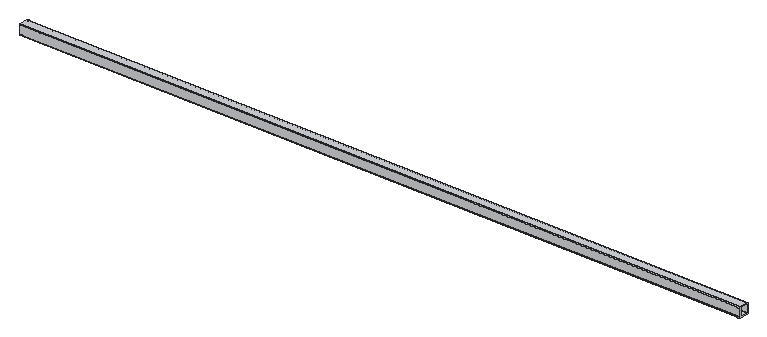
Revit family "CENTUM Profil XL  80 6m L2D", category HLS-Bauteile, Revit 2023
Family settings
  Bemaßung runder Anschluss = Durchmesser verwenden
  Teiletyp = Normal
  Arbeitsebenenbasiert = Ja
  Immer vertikal = Nein
  Beim Laden mit Abzugskörper schneiden = Nein
  Beschriftungsausrichtung beibehalten = Nein
  Gemeinsam genutzt = Ja
  Raumberechnungspunkt = Nein
Parameters (values of type "Centum Profil XL 80 L=6000 L2D")
  vpe = "6"
  Widerstandsmoment Wz = "16.13 cm³"
  Widerstandsmoment Wy = "16.13 cm³"
  Default Elevation = 1219.2 mm
  Trägheitsradius iz = "3.23 cm"
  Trägheitsradius iy = "3.23 cm"
  Torsionswiderstandsmoment Wt = "36.04 cm³"
  Stärke = 2.5 mm
  Streckgrenze = "275 N/mm²"
  Schwerpunktabstand ez = "4.00 cm"
  Schwerpunktabstand eu = "4.00 cm"
  Schwerpunktabstand eo = "4.00 cm"
  Schlitzbreite = " mm"
  Regelhalter [instance] = ""
  Profiltyp = "XL 80"
  Profil = "CENTUM"
  Oberflaeche = "feuerstückverzinkt"
  Montagelänge [instance] = 6000 mm
  Mengeneinheit = "m"
  Materialname = "S275"
  Material = "Stahl"
  Länge = 6000 mm
  Lochdurchmesser = " mm"
  Langloch = "14.0 x 65.0 mm"
  Kurztext2 = "80 / 80 / 2,5 mm L= 6 m fsv"
  Kurztext1 = "Montageprofil CENTUM XL 80"
  Höhe = "80 mm"
  Gewicht pro Stück [instance] = (Gewicht * Montagelänge / (1000 mm * 1000 mm)) * 1000 mm  # 33.06 kg
  Gewicht pro Bauteil [instance] = Gewicht pro Stück  # 33.06 kg
  Gewicht = 5.51 kg
  Gesamtlänge [instance] = Montagelänge  # 6000 mm
  Gesamtgewicht [instance] = Gewicht pro Bauteil  # 33.06 kg
  Fläche (schwächster Profilquerschnitt) = 0.000619 m²
  Firma = "MEFA Befestigungs- und Montagesysteme GmbH"
  Fabrikat = "MEFA"
  Erweiterung Langloch = " mm"
  EAN = "4250928450340"
  Bund = "150 m"
  Breite = 80 mm
  Artikelnummer = "16008060"
  Anzahl Langloch [instance] = Montagelänge / 80 mm  # 75
  Abmessung = "80/80/2.5 mm"
Reference planes
  plane 1 "Mitte (Vorne/hinten)": y = 0
  plane 2: z = 0
  plane 3 "Mitte (Links/rechts)": x = 0
  plane 4: x = 6000
Forms (mm)
  Extrusion 1, solid, detail levels fine
    sketch origin (0, 0, 0) x (0, 1, 0) y (0, 0, 1)
      loop
        arc (35, 0) -> (38.536, 1.464) -> (40, 5) r 5
        line (40, 5) -> (40, 75)
        arc (40, 75) -> (38.536, 78.536) -> (35, 80) r 5
        line (35, 80) -> (-35, 80)
        arc (-35, 80) -> (-38.536, 78.536) -> (-40, 75) r 5
        line (-40, 75) -> (-40, 5)
        arc (-40, 5) -> (-38.536, 1.464) -> (-35, 0) r 5
        line (-35, 0) -> (35, 0)
      loop
        arc (37.5, 75) -> (36.768, 76.768) -> (35, 77.5) r 2.5
        line (35, 77.5) -> (-35, 77.5)
        arc (-35, 77.5) -> (-36.768, 76.768) -> (-37.5, 75) r 2.5
        line (-37.5, 75) -> (-37.5, 5)
        arc (-37.5, 5) -> (-36.768, 3.232) -> (-35, 2.5) r 2.5
        line (-35, 2.5) -> (35, 2.5)
        arc (35, 2.5) -> (36.768, 3.232) -> (37.5, 5) r 2.5
        line (37.5, 5) -> (37.5, 75)
    from 0 to 6000
  Extrusion 2, solid, detail levels medium
    sketch origin (0, 0, 0) x (0, 1, 0) y (0, 0, 1)
      loop
        line (40, 0) -> (40, 80) -> (-40, 80) -> (-40, 0) -> (40, 0)
      loop
        line (37.5, 77.5) -> (-37.5, 77.5) -> (-37.5, 2.5) -> (37.5, 2.5) -> (37.5, 77.5)
    from 0 to 6000
  Extrusion 3, solid, detail levels coarse
    sketch origin (0, 0, 0) x (0, 1, 0) y (0, 0, 1)
      loop
        line (40, 0) -> (40, 80) -> (-40, 80) -> (-40, 0) -> (40, 0)
    from 0 to 6000
Lines and regions (mm)
  model lines
    curve 1: line (0, 0, 90) -> (0, 0, -10)
    curve 2: line (0, -50, 40) -> (0, 50, 40)
    curve 3: line (40, 0, 2.5) -> (6040, 0, 2.5)
    curve 4: line (0, 0, 40) -> (195, 0, 40)
Dimensions and locks
  "Montagelänge": plane 4 to plane 3 "Mitte (Links/rechts)"
  equal spacing: group 1, group 2, group 3, group 4, group 5, group 6, group 7, group 8, group 9, group 10, group 11, group 12, group 13, group 14, group 15, group 16, group 17, group 18, group 19, group 20, group 21, group 22, group 23, group 24, group 25, group 26, group 27, group 28, group 29, group 30, group 31, group 32, group 33, group 34, group 35, group 36, group 37, group 38, group 39, group 40, group 41, group 42, group 43, group 44, group 45, group 46, group 47, group 48, group 49, group 50, group 51, group 52, group 53, group 54, group 55, group 56, group 57, group 58, group 59, group 60, group 61, group 62, group 63, group 64, group 65, group 66, group 67, group 68, group 69, group 70, group 71, group 72, group 73, group 74, group 75  (x3)
  aligned and locked: level to plane 2
  aligned and locked: plane 4 to Extrusion 1
  aligned and locked: plane 4 to Extrusion 3
  aligned and locked: plane 4 to Extrusion 2
  aligned and locked: nested 1 to plane 1 "Mitte (Vorne/hinten)"
  aligned and locked: nested 3 to nested 1  (x2)
  aligned and locked: nested 2 to curve 4
  aligned and locked: nested 4 to nested 2
  aligned and locked: nested 7 to nested 5  (x2)
  aligned and locked: nested 8 to nested 6
  aligned and locked: nested 11 to nested 9  (x2)
  aligned and locked: nested 12 to nested 10
  aligned and locked: nested 15 to nested 13  (x2)
  aligned and locked: nested 16 to nested 14
  aligned and locked: nested 19 to nested 17  (x2)
  aligned and locked: nested 20 to nested 18
  aligned and locked: nested 23 to nested 21  (x2)
  aligned and locked: nested 24 to nested 22
  aligned and locked: nested 27 to nested 25  (x2)
  aligned and locked: nested 28 to nested 26
  aligned and locked: nested 31 to nested 29  (x2)
  aligned and locked: nested 32 to nested 30
  aligned and locked: nested 35 to nested 33  (x2)
  aligned and locked: nested 36 to nested 34
  aligned and locked: nested 39 to nested 37  (x2)
  aligned and locked: nested 40 to nested 38
  aligned and locked: nested 43 to nested 41  (x2)
  aligned and locked: nested 44 to nested 42
  aligned and locked: nested 47 to nested 45  (x2)
  aligned and locked: nested 48 to nested 46
  aligned and locked: nested 51 to nested 49  (x2)
  aligned and locked: nested 52 to nested 50
  aligned and locked: nested 55 to nested 53  (x2)
  aligned and locked: nested 56 to nested 54
  aligned and locked: nested 59 to nested 57  (x2)
  aligned and locked: nested 60 to nested 58
  aligned and locked: nested 63 to nested 61  (x2)
  aligned and locked: nested 64 to nested 62
  aligned and locked: nested 67 to nested 65  (x2)
  aligned and locked: nested 68 to nested 66
  aligned and locked: nested 71 to nested 69  (x2)
  aligned and locked: nested 72 to nested 70
  aligned and locked: nested 75 to nested 73  (x2)
  aligned and locked: nested 76 to nested 74
  aligned and locked: nested 79 to nested 77  (x2)
  aligned and locked: nested 80 to nested 78
  aligned and locked: nested 83 to nested 81  (x2)
  aligned and locked: nested 84 to nested 82
  aligned and locked: nested 87 to nested 85  (x2)
  aligned and locked: nested 88 to nested 86
  aligned and locked: nested 91 to nested 89  (x2)
  aligned and locked: nested 92 to nested 90
  aligned and locked: nested 95 to nested 93  (x2)
  aligned and locked: nested 96 to nested 94
  aligned and locked: nested 99 to nested 97  (x2)
  aligned and locked: nested 100 to nested 98
  aligned and locked: nested 103 to nested 101  (x2)
  aligned and locked: nested 104 to nested 102
  aligned and locked: nested 107 to nested 105  (x2)
  aligned and locked: nested 108 to nested 106
  aligned and locked: nested 111 to nested 109  (x2)
  aligned and locked: nested 112 to nested 110
  aligned and locked: nested 115 to nested 113  (x2)
  aligned and locked: nested 116 to nested 114
  aligned and locked: nested 119 to nested 117  (x2)
  aligned and locked: nested 120 to nested 118
  aligned and locked: nested 123 to nested 121  (x2)
  aligned and locked: nested 124 to nested 122
  aligned and locked: nested 127 to nested 125  (x2)
  aligned and locked: nested 128 to nested 126
  aligned and locked: nested 131 to nested 129  (x2)
  aligned and locked: nested 132 to nested 130
  aligned and locked: nested 135 to nested 133  (x2)
  aligned and locked: nested 136 to nested 134
  aligned and locked: nested 139 to nested 137  (x2)
  aligned and locked: nested 140 to nested 138
  aligned and locked: nested 143 to nested 141  (x2)
  aligned and locked: nested 144 to nested 142
  aligned and locked: nested 147 to nested 145  (x2)
  aligned and locked: nested 148 to nested 146
  aligned and locked: nested 151 to nested 149  (x2)
  aligned and locked: nested 152 to nested 150
  aligned and locked: nested 155 to nested 153  (x2)
  aligned and locked: nested 156 to nested 154
  aligned and locked: nested 159 to nested 157  (x2)
  aligned and locked: nested 160 to nested 158
  aligned and locked: nested 163 to nested 161  (x2)
  aligned and locked: nested 164 to nested 162
  aligned and locked: nested 167 to nested 165  (x2)
  aligned and locked: nested 168 to nested 166
  aligned and locked: nested 171 to nested 169  (x2)
  aligned and locked: nested 172 to nested 170
  aligned and locked: nested 175 to nested 173  (x2)
  aligned and locked: nested 176 to nested 174
  aligned and locked: nested 179 to nested 177  (x2)
  aligned and locked: nested 180 to nested 178
  aligned and locked: nested 183 to nested 181  (x2)
  aligned and locked: nested 184 to nested 182
  aligned and locked: nested 187 to nested 185  (x2)
  aligned and locked: nested 188 to nested 186
  aligned and locked: nested 191 to nested 189  (x2)
  aligned and locked: nested 192 to nested 190
  aligned and locked: nested 195 to nested 193  (x2)
  aligned and locked: nested 196 to nested 194
  aligned and locked: nested 199 to nested 197  (x2)
  aligned and locked: nested 200 to nested 198
  aligned and locked: nested 203 to nested 201  (x2)
  aligned and locked: nested 204 to nested 202
  aligned and locked: nested 207 to nested 205  (x2)
  aligned and locked: nested 208 to nested 206
  aligned and locked: nested 211 to nested 209  (x2)
  aligned and locked: nested 212 to nested 210
  aligned and locked: nested 215 to nested 213  (x2)
  aligned and locked: nested 216 to nested 214
  aligned and locked: nested 219 to nested 217  (x2)
  aligned and locked: nested 220 to nested 218
  aligned and locked: nested 223 to nested 221  (x2)
  aligned and locked: nested 224 to nested 222
  aligned and locked: nested 227 to nested 225  (x2)
  aligned and locked: nested 228 to nested 226
  aligned and locked: nested 231 to nested 229  (x2)
  aligned and locked: nested 232 to nested 230
  aligned and locked: nested 235 to nested 233  (x2)
  aligned and locked: nested 236 to nested 234
  aligned and locked: nested 239 to nested 237  (x2)
  aligned and locked: nested 240 to nested 238
  aligned and locked: nested 243 to nested 241  (x2)
  aligned and locked: nested 244 to nested 242
  aligned and locked: nested 247 to nested 245  (x2)
  aligned and locked: nested 248 to nested 246
  aligned and locked: nested 251 to nested 249  (x2)
  aligned and locked: nested 252 to nested 250
  aligned and locked: nested 255 to nested 253  (x2)
  aligned and locked: nested 256 to nested 254
  aligned and locked: nested 259 to nested 257  (x2)
  aligned and locked: nested 260 to nested 258
  aligned and locked: nested 263 to nested 261  (x2)
  aligned and locked: nested 264 to nested 262
  aligned and locked: nested 267 to nested 265  (x2)
  aligned and locked: nested 268 to nested 266
  aligned and locked: nested 271 to nested 269  (x2)
  aligned and locked: nested 272 to nested 270
  aligned and locked: nested 275 to nested 273  (x2)
  aligned and locked: nested 276 to nested 274
  aligned and locked: nested 279 to nested 277  (x2)
  aligned and locked: nested 280 to nested 278
  aligned and locked: nested 283 to nested 281  (x2)
  aligned and locked: nested 284 to nested 282
  aligned and locked: nested 287 to nested 285  (x2)
  aligned and locked: nested 288 to nested 286
  aligned and locked: nested 291 to nested 289  (x2)
  aligned and locked: nested 292 to nested 290
  aligned and locked: nested 295 to nested 293  (x2)
  aligned and locked: nested 296 to nested 294
  aligned and locked: nested 299 to nested 297  (x2)
  aligned and locked: nested 300 to nested 298
Automatic sketch dimensions
  plane 1 "Mitte (Vorne/hinten)" to Extrusion 1 sketch curve = 40 mm
  Extrusion 1 sketch curve to Extrusion 1 sketch curve = 5 mm  (x3)
  Extrusion 1 sketch curve to plane 1 "Mitte (Vorne/hinten)" = 35 mm  (x2)
  Extrusion 1 sketch curve to level = 0 mm
  level to Extrusion 1 sketch curve = 75 mm
  Extrusion 1 sketch curve to Extrusion 1 sketch curve = 0 mm  (x7)
  Extrusion 1 sketch curve to Extrusion 1 sketch curve = 2.5 mm
  curve 1 to plane 1 "Mitte (Vorne/hinten)" = 0 mm
  curve 1 to level = 10 mm
  level to curve 1 = 90 mm
  plane 1 "Mitte (Vorne/hinten)" to curve 2 = 50 mm
  curve 2 to plane 1 "Mitte (Vorne/hinten)" = 50 mm
  level to curve 2 = 40 mm
  level to Extrusion 2 sketch curve = 0 mm
  plane 1 "Mitte (Vorne/hinten)" to Extrusion 2 sketch curve = 40 mm
  Extrusion 2 sketch curve to Extrusion 2 sketch curve = 80 mm
  Extrusion 2 sketch curve to Extrusion 2 sketch curve = 2.5 mm  (x4)
  Extrusion 2 sketch curve to plane 1 "Mitte (Vorne/hinten)" = 37.5 mm
  Extrusion 3 sketch curve to level = 0 mm
  plane 1 "Mitte (Vorne/hinten)" to Extrusion 3 sketch curve = 40 mm
  Extrusion 3 sketch curve to plane 1 "Mitte (Vorne/hinten)" = 40 mm
  level to Extrusion 3 sketch curve = 80 mm
  curve 4 to plane 3 "Mitte (Links/rechts)" = 0 mm
  level to curve 3 = 2.5 mm
  plane 3 "Mitte (Links/rechts)" to curve 3 = 40 mm
  curve 3 to curve 4 = 155 mm
  plane 4 to curve 3 = 40 mm
Nested families
  nested 1: "Langloch 14 x 65 2D" at (40, 0, 80) x (-1, 0, 0) z (0, 0, 1), type "Langloch 14 x 65 2D", detail levels fine
  nested 2: "Langloch 14 x 65 2D" at (40, -40, 40) x (-1, 0, 0) z (0, -1, 0), type "Langloch 14 x 65 2D", detail levels fine
  nested 3: "Langloch 14 x 65 2D" at (40, 0, 0) x (-1, 0, 0) z (0, 0, -1), type "Langloch 14 x 65 2D", detail levels fine
  nested 4: "Langloch 14 x 65 2D" at (40, 40, 40) x (-1, 0, 0) z (0, 1, 0), type "Langloch 14 x 65 2D", detail levels fine
  nested 5: "Langloch 14 x 65 2D" at (120, 0, 80) x (-1, 0, 0) z (0, 0, 1), type "Langloch 14 x 65 2D", detail levels fine
  nested 6: "Langloch 14 x 65 2D" at (120, -40, 40) x (-1, 0, 0) z (0, -1, 0), type "Langloch 14 x 65 2D", detail levels fine
  nested 7: "Langloch 14 x 65 2D" at (120, 0, 0) x (-1, 0, 0) z (0, 0, -1), type "Langloch 14 x 65 2D", detail levels fine
  nested 8: "Langloch 14 x 65 2D" at (120, 40, 40) x (-1, 0, 0) z (0, 1, 0), type "Langloch 14 x 65 2D", detail levels fine
  nested 9: "Langloch 14 x 65 2D" at (200, 0, 80) x (-1, 0, 0) z (0, 0, 1), type "Langloch 14 x 65 2D", detail levels fine
  nested 10: "Langloch 14 x 65 2D" at (200, -40, 40) x (-1, 0, 0) z (0, -1, 0), type "Langloch 14 x 65 2D", detail levels fine
  nested 11: "Langloch 14 x 65 2D" at (200, 0, 0) x (-1, 0, 0) z (0, 0, -1), type "Langloch 14 x 65 2D", detail levels fine
  nested 12: "Langloch 14 x 65 2D" at (200, 40, 40) x (-1, 0, 0) z (0, 1, 0), type "Langloch 14 x 65 2D", detail levels fine
  nested 13: "Langloch 14 x 65 2D" at (280, 0, 80) x (-1, 0, 0) z (0, 0, 1), type "Langloch 14 x 65 2D", detail levels fine
  nested 14: "Langloch 14 x 65 2D" at (280, -40, 40) x (-1, 0, 0) z (0, -1, 0), type "Langloch 14 x 65 2D", detail levels fine
  nested 15: "Langloch 14 x 65 2D" at (280, 0, 0) x (-1, 0, 0) z (0, 0, -1), type "Langloch 14 x 65 2D", detail levels fine
  nested 16: "Langloch 14 x 65 2D" at (280, 40, 40) x (-1, 0, 0) z (0, 1, 0), type "Langloch 14 x 65 2D", detail levels fine
  nested 17: "Langloch 14 x 65 2D" at (360, 0, 80) x (-1, 0, 0) z (0, 0, 1), type "Langloch 14 x 65 2D", detail levels fine
  nested 18: "Langloch 14 x 65 2D" at (360, -40, 40) x (-1, 0, 0) z (0, -1, 0), type "Langloch 14 x 65 2D", detail levels fine
  nested 19: "Langloch 14 x 65 2D" at (360, 0, 0) x (-1, 0, 0) z (0, 0, -1), type "Langloch 14 x 65 2D", detail levels fine
  nested 20: "Langloch 14 x 65 2D" at (360, 40, 40) x (-1, 0, 0) z (0, 1, 0), type "Langloch 14 x 65 2D", detail levels fine
  nested 21: "Langloch 14 x 65 2D" at (440, 0, 80) x (-1, 0, 0) z (0, 0, 1), type "Langloch 14 x 65 2D", detail levels fine
  nested 22: "Langloch 14 x 65 2D" at (440, -40, 40) x (-1, 0, 0) z (0, -1, 0), type "Langloch 14 x 65 2D", detail levels fine
  nested 23: "Langloch 14 x 65 2D" at (440, 0, 0) x (-1, 0, 0) z (0, 0, -1), type "Langloch 14 x 65 2D", detail levels fine
  nested 24: "Langloch 14 x 65 2D" at (440, 40, 40) x (-1, 0, 0) z (0, 1, 0), type "Langloch 14 x 65 2D", detail levels fine
  nested 25: "Langloch 14 x 65 2D" at (520, 0, 80) x (-1, 0, 0) z (0, 0, 1), type "Langloch 14 x 65 2D", detail levels fine
  nested 26: "Langloch 14 x 65 2D" at (520, -40, 40) x (-1, 0, 0) z (0, -1, 0), type "Langloch 14 x 65 2D", detail levels fine
  nested 27: "Langloch 14 x 65 2D" at (520, 0, 0) x (-1, 0, 0) z (0, 0, -1), type "Langloch 14 x 65 2D", detail levels fine
  nested 28: "Langloch 14 x 65 2D" at (520, 40, 40) x (-1, 0, 0) z (0, 1, 0), type "Langloch 14 x 65 2D", detail levels fine
  nested 29: "Langloch 14 x 65 2D" at (600, 0, 80) x (-1, 0, 0) z (0, 0, 1), type "Langloch 14 x 65 2D", detail levels fine
  nested 30: "Langloch 14 x 65 2D" at (600, -40, 40) x (-1, 0, 0) z (0, -1, 0), type "Langloch 14 x 65 2D", detail levels fine
  nested 31: "Langloch 14 x 65 2D" at (600, 0, 0) x (-1, 0, 0) z (0, 0, -1), type "Langloch 14 x 65 2D", detail levels fine
  nested 32: "Langloch 14 x 65 2D" at (600, 40, 40) x (-1, 0, 0) z (0, 1, 0), type "Langloch 14 x 65 2D", detail levels fine
  nested 33: "Langloch 14 x 65 2D" at (680, 0, 80) x (-1, 0, 0) z (0, 0, 1), type "Langloch 14 x 65 2D", detail levels fine
  nested 34: "Langloch 14 x 65 2D" at (680, -40, 40) x (-1, 0, 0) z (0, -1, 0), type "Langloch 14 x 65 2D", detail levels fine
  nested 35: "Langloch 14 x 65 2D" at (680, 0, 0) x (-1, 0, 0) z (0, 0, -1), type "Langloch 14 x 65 2D", detail levels fine
  nested 36: "Langloch 14 x 65 2D" at (680, 40, 40) x (-1, 0, 0) z (0, 1, 0), type "Langloch 14 x 65 2D", detail levels fine
  nested 37: "Langloch 14 x 65 2D" at (760, 0, 80) x (-1, 0, 0) z (0, 0, 1), type "Langloch 14 x 65 2D", detail levels fine
  nested 38: "Langloch 14 x 65 2D" at (760, -40, 40) x (-1, 0, 0) z (0, -1, 0), type "Langloch 14 x 65 2D", detail levels fine
  nested 39: "Langloch 14 x 65 2D" at (760, 0, 0) x (-1, 0, 0) z (0, 0, -1), type "Langloch 14 x 65 2D", detail levels fine
  nested 40: "Langloch 14 x 65 2D" at (760, 40, 40) x (-1, 0, 0) z (0, 1, 0), type "Langloch 14 x 65 2D", detail levels fine
  nested 41: "Langloch 14 x 65 2D" at (840, 0, 80) x (-1, 0, 0) z (0, 0, 1), type "Langloch 14 x 65 2D", detail levels fine
  nested 42: "Langloch 14 x 65 2D" at (840, -40, 40) x (-1, 0, 0) z (0, -1, 0), type "Langloch 14 x 65 2D", detail levels fine
  nested 43: "Langloch 14 x 65 2D" at (840, 0, 0) x (-1, 0, 0) z (0, 0, -1), type "Langloch 14 x 65 2D", detail levels fine
  nested 44: "Langloch 14 x 65 2D" at (840, 40, 40) x (-1, 0, 0) z (0, 1, 0), type "Langloch 14 x 65 2D", detail levels fine
  nested 45: "Langloch 14 x 65 2D" at (920, 0, 80) x (-1, 0, 0) z (0, 0, 1), type "Langloch 14 x 65 2D", detail levels fine
  nested 46: "Langloch 14 x 65 2D" at (920, -40, 40) x (-1, 0, 0) z (0, -1, 0), type "Langloch 14 x 65 2D", detail levels fine
  nested 47: "Langloch 14 x 65 2D" at (920, 0, 0) x (-1, 0, 0) z (0, 0, -1), type "Langloch 14 x 65 2D", detail levels fine
  nested 48: "Langloch 14 x 65 2D" at (920, 40, 40) x (-1, 0, 0) z (0, 1, 0), type "Langloch 14 x 65 2D", detail levels fine
  nested 49: "Langloch 14 x 65 2D" at (1000, 0, 80) x (-1, 0, 0) z (0, 0, 1), type "Langloch 14 x 65 2D", detail levels fine
  nested 50: "Langloch 14 x 65 2D" at (1000, -40, 40) x (-1, 0, 0) z (0, -1, 0), type "Langloch 14 x 65 2D", detail levels fine
  nested 51: "Langloch 14 x 65 2D" at (1000, 0, 0) x (-1, 0, 0) z (0, 0, -1), type "Langloch 14 x 65 2D", detail levels fine
  nested 52: "Langloch 14 x 65 2D" at (1000, 40, 40) x (-1, 0, 0) z (0, 1, 0), type "Langloch 14 x 65 2D", detail levels fine
  nested 53: "Langloch 14 x 65 2D" at (1080, 0, 80) x (-1, 0, 0) z (0, 0, 1), type "Langloch 14 x 65 2D", detail levels fine
  nested 54: "Langloch 14 x 65 2D" at (1080, -40, 40) x (-1, 0, 0) z (0, -1, 0), type "Langloch 14 x 65 2D", detail levels fine
  nested 55: "Langloch 14 x 65 2D" at (1080, 0, 0) x (-1, 0, 0) z (0, 0, -1), type "Langloch 14 x 65 2D", detail levels fine
  nested 56: "Langloch 14 x 65 2D" at (1080, 40, 40) x (-1, 0, 0) z (0, 1, 0), type "Langloch 14 x 65 2D", detail levels fine
  nested 57: "Langloch 14 x 65 2D" at (1160, 0, 80) x (-1, 0, 0) z (0, 0, 1), type "Langloch 14 x 65 2D", detail levels fine
  nested 58: "Langloch 14 x 65 2D" at (1160, -40, 40) x (-1, 0, 0) z (0, -1, 0), type "Langloch 14 x 65 2D", detail levels fine
  nested 59: "Langloch 14 x 65 2D" at (1160, 0, 0) x (-1, 0, 0) z (0, 0, -1), type "Langloch 14 x 65 2D", detail levels fine
  nested 60: "Langloch 14 x 65 2D" at (1160, 40, 40) x (-1, 0, 0) z (0, 1, 0), type "Langloch 14 x 65 2D", detail levels fine
  nested 61: "Langloch 14 x 65 2D" at (1240, 0, 80) x (-1, 0, 0) z (0, 0, 1), type "Langloch 14 x 65 2D", detail levels fine
  nested 62: "Langloch 14 x 65 2D" at (1240, -40, 40) x (-1, 0, 0) z (0, -1, 0), type "Langloch 14 x 65 2D", detail levels fine
  nested 63: "Langloch 14 x 65 2D" at (1240, 0, 0) x (-1, 0, 0) z (0, 0, -1), type "Langloch 14 x 65 2D", detail levels fine
  nested 64: "Langloch 14 x 65 2D" at (1240, 40, 40) x (-1, 0, 0) z (0, 1, 0), type "Langloch 14 x 65 2D", detail levels fine
  nested 65: "Langloch 14 x 65 2D" at (1320, 0, 80) x (-1, 0, 0) z (0, 0, 1), type "Langloch 14 x 65 2D", detail levels fine
  nested 66: "Langloch 14 x 65 2D" at (1320, -40, 40) x (-1, 0, 0) z (0, -1, 0), type "Langloch 14 x 65 2D", detail levels fine
  nested 67: "Langloch 14 x 65 2D" at (1320, 0, 0) x (-1, 0, 0) z (0, 0, -1), type "Langloch 14 x 65 2D", detail levels fine
  nested 68: "Langloch 14 x 65 2D" at (1320, 40, 40) x (-1, 0, 0) z (0, 1, 0), type "Langloch 14 x 65 2D", detail levels fine
  nested 69: "Langloch 14 x 65 2D" at (1400, 0, 80) x (-1, 0, 0) z (0, 0, 1), type "Langloch 14 x 65 2D", detail levels fine
  nested 70: "Langloch 14 x 65 2D" at (1400, -40, 40) x (-1, 0, 0) z (0, -1, 0), type "Langloch 14 x 65 2D", detail levels fine
  nested 71: "Langloch 14 x 65 2D" at (1400, 0, 0) x (-1, 0, 0) z (0, 0, -1), type "Langloch 14 x 65 2D", detail levels fine
  nested 72: "Langloch 14 x 65 2D" at (1400, 40, 40) x (-1, 0, 0) z (0, 1, 0), type "Langloch 14 x 65 2D", detail levels fine
  nested 73: "Langloch 14 x 65 2D" at (1480, 0, 80) x (-1, 0, 0) z (0, 0, 1), type "Langloch 14 x 65 2D", detail levels fine
  nested 74: "Langloch 14 x 65 2D" at (1480, -40, 40) x (-1, 0, 0) z (0, -1, 0), type "Langloch 14 x 65 2D", detail levels fine
  nested 75: "Langloch 14 x 65 2D" at (1480, 0, 0) x (-1, 0, 0) z (0, 0, -1), type "Langloch 14 x 65 2D", detail levels fine
  nested 76: "Langloch 14 x 65 2D" at (1480, 40, 40) x (-1, 0, 0) z (0, 1, 0), type "Langloch 14 x 65 2D", detail levels fine
  nested 77: "Langloch 14 x 65 2D" at (1560, 0, 80) x (-1, 0, 0) z (0, 0, 1), type "Langloch 14 x 65 2D", detail levels fine
  nested 78: "Langloch 14 x 65 2D" at (1560, -40, 40) x (-1, 0, 0) z (0, -1, 0), type "Langloch 14 x 65 2D", detail levels fine
  nested 79: "Langloch 14 x 65 2D" at (1560, 0, 0) x (-1, 0, 0) z (0, 0, -1), type "Langloch 14 x 65 2D", detail levels fine
  nested 80: "Langloch 14 x 65 2D" at (1560, 40, 40) x (-1, 0, 0) z (0, 1, 0), type "Langloch 14 x 65 2D", detail levels fine
  nested 81: "Langloch 14 x 65 2D" at (1640, 0, 80) x (-1, 0, 0) z (0, 0, 1), type "Langloch 14 x 65 2D", detail levels fine
  nested 82: "Langloch 14 x 65 2D" at (1640, -40, 40) x (-1, 0, 0) z (0, -1, 0), type "Langloch 14 x 65 2D", detail levels fine
  nested 83: "Langloch 14 x 65 2D" at (1640, 0, 0) x (-1, 0, 0) z (0, 0, -1), type "Langloch 14 x 65 2D", detail levels fine
  nested 84: "Langloch 14 x 65 2D" at (1640, 40, 40) x (-1, 0, 0) z (0, 1, 0), type "Langloch 14 x 65 2D", detail levels fine
  nested 85: "Langloch 14 x 65 2D" at (1720, 0, 80) x (-1, 0, 0) z (0, 0, 1), type "Langloch 14 x 65 2D", detail levels fine
  nested 86: "Langloch 14 x 65 2D" at (1720, -40, 40) x (-1, 0, 0) z (0, -1, 0), type "Langloch 14 x 65 2D", detail levels fine
  nested 87: "Langloch 14 x 65 2D" at (1720, 0, 0) x (-1, 0, 0) z (0, 0, -1), type "Langloch 14 x 65 2D", detail levels fine
  nested 88: "Langloch 14 x 65 2D" at (1720, 40, 40) x (-1, 0, 0) z (0, 1, 0), type "Langloch 14 x 65 2D", detail levels fine
  nested 89: "Langloch 14 x 65 2D" at (1800, 0, 80) x (-1, 0, 0) z (0, 0, 1), type "Langloch 14 x 65 2D", detail levels fine
  nested 90: "Langloch 14 x 65 2D" at (1800, -40, 40) x (-1, 0, 0) z (0, -1, 0), type "Langloch 14 x 65 2D", detail levels fine
  nested 91: "Langloch 14 x 65 2D" at (1800, 0, 0) x (-1, 0, 0) z (0, 0, -1), type "Langloch 14 x 65 2D", detail levels fine
  nested 92: "Langloch 14 x 65 2D" at (1800, 40, 40) x (-1, 0, 0) z (0, 1, 0), type "Langloch 14 x 65 2D", detail levels fine
  nested 93: "Langloch 14 x 65 2D" at (1880, 0, 80) x (-1, 0, 0) z (0, 0, 1), type "Langloch 14 x 65 2D", detail levels fine
  nested 94: "Langloch 14 x 65 2D" at (1880, -40, 40) x (-1, 0, 0) z (0, -1, 0), type "Langloch 14 x 65 2D", detail levels fine
  nested 95: "Langloch 14 x 65 2D" at (1880, 0, 0) x (-1, 0, 0) z (0, 0, -1), type "Langloch 14 x 65 2D", detail levels fine
  nested 96: "Langloch 14 x 65 2D" at (1880, 40, 40) x (-1, 0, 0) z (0, 1, 0), type "Langloch 14 x 65 2D", detail levels fine
  nested 97: "Langloch 14 x 65 2D" at (1960, 0, 80) x (-1, 0, 0) z (0, 0, 1), type "Langloch 14 x 65 2D", detail levels fine
  nested 98: "Langloch 14 x 65 2D" at (1960, -40, 40) x (-1, 0, 0) z (0, -1, 0), type "Langloch 14 x 65 2D", detail levels fine
  nested 99: "Langloch 14 x 65 2D" at (1960, 0, 0) x (-1, 0, 0) z (0, 0, -1), type "Langloch 14 x 65 2D", detail levels fine
  nested 100: "Langloch 14 x 65 2D" at (1960, 40, 40) x (-1, 0, 0) z (0, 1, 0), type "Langloch 14 x 65 2D", detail levels fine
  nested 101: "Langloch 14 x 65 2D" at (2040, 0, 80) x (-1, 0, 0) z (0, 0, 1), type "Langloch 14 x 65 2D", detail levels fine
  nested 102: "Langloch 14 x 65 2D" at (2040, -40, 40) x (-1, 0, 0) z (0, -1, 0), type "Langloch 14 x 65 2D", detail levels fine
  nested 103: "Langloch 14 x 65 2D" at (2040, 0, 0) x (-1, 0, 0) z (0, 0, -1), type "Langloch 14 x 65 2D", detail levels fine
  nested 104: "Langloch 14 x 65 2D" at (2040, 40, 40) x (-1, 0, 0) z (0, 1, 0), type "Langloch 14 x 65 2D", detail levels fine
  nested 105: "Langloch 14 x 65 2D" at (2120, 0, 80) x (-1, 0, 0) z (0, 0, 1), type "Langloch 14 x 65 2D", detail levels fine
  nested 106: "Langloch 14 x 65 2D" at (2120, -40, 40) x (-1, 0, 0) z (0, -1, 0), type "Langloch 14 x 65 2D", detail levels fine
  nested 107: "Langloch 14 x 65 2D" at (2120, 0, 0) x (-1, 0, 0) z (0, 0, -1), type "Langloch 14 x 65 2D", detail levels fine
  nested 108: "Langloch 14 x 65 2D" at (2120, 40, 40) x (-1, 0, 0) z (0, 1, 0), type "Langloch 14 x 65 2D", detail levels fine
  nested 109: "Langloch 14 x 65 2D" at (2200, 0, 80) x (-1, 0, 0) z (0, 0, 1), type "Langloch 14 x 65 2D", detail levels fine
  nested 110: "Langloch 14 x 65 2D" at (2200, -40, 40) x (-1, 0, 0) z (0, -1, 0), type "Langloch 14 x 65 2D", detail levels fine
  nested 111: "Langloch 14 x 65 2D" at (2200, 0, 0) x (-1, 0, 0) z (0, 0, -1), type "Langloch 14 x 65 2D", detail levels fine
  nested 112: "Langloch 14 x 65 2D" at (2200, 40, 40) x (-1, 0, 0) z (0, 1, 0), type "Langloch 14 x 65 2D", detail levels fine
  nested 113: "Langloch 14 x 65 2D" at (2280, 0, 80) x (-1, 0, 0) z (0, 0, 1), type "Langloch 14 x 65 2D", detail levels fine
  nested 114: "Langloch 14 x 65 2D" at (2280, -40, 40) x (-1, 0, 0) z (0, -1, 0), type "Langloch 14 x 65 2D", detail levels fine
  nested 115: "Langloch 14 x 65 2D" at (2280, 0, 0) x (-1, 0, 0) z (0, 0, -1), type "Langloch 14 x 65 2D", detail levels fine
  nested 116: "Langloch 14 x 65 2D" at (2280, 40, 40) x (-1, 0, 0) z (0, 1, 0), type "Langloch 14 x 65 2D", detail levels fine
  nested 117: "Langloch 14 x 65 2D" at (2360, 0, 80) x (-1, 0, 0) z (0, 0, 1), type "Langloch 14 x 65 2D", detail levels fine
  nested 118: "Langloch 14 x 65 2D" at (2360, -40, 40) x (-1, 0, 0) z (0, -1, 0), type "Langloch 14 x 65 2D", detail levels fine
  nested 119: "Langloch 14 x 65 2D" at (2360, 0, 0) x (-1, 0, 0) z (0, 0, -1), type "Langloch 14 x 65 2D", detail levels fine
  nested 120: "Langloch 14 x 65 2D" at (2360, 40, 40) x (-1, 0, 0) z (0, 1, 0), type "Langloch 14 x 65 2D", detail levels fine
  nested 121: "Langloch 14 x 65 2D" at (2440, 0, 80) x (-1, 0, 0) z (0, 0, 1), type "Langloch 14 x 65 2D", detail levels fine
  nested 122: "Langloch 14 x 65 2D" at (2440, -40, 40) x (-1, 0, 0) z (0, -1, 0), type "Langloch 14 x 65 2D", detail levels fine
  nested 123: "Langloch 14 x 65 2D" at (2440, 0, 0) x (-1, 0, 0) z (0, 0, -1), type "Langloch 14 x 65 2D", detail levels fine
  nested 124: "Langloch 14 x 65 2D" at (2440, 40, 40) x (-1, 0, 0) z (0, 1, 0), type "Langloch 14 x 65 2D", detail levels fine
  nested 125: "Langloch 14 x 65 2D" at (2520, 0, 80) x (-1, 0, 0) z (0, 0, 1), type "Langloch 14 x 65 2D", detail levels fine
  nested 126: "Langloch 14 x 65 2D" at (2520, -40, 40) x (-1, 0, 0) z (0, -1, 0), type "Langloch 14 x 65 2D", detail levels fine
  nested 127: "Langloch 14 x 65 2D" at (2520, 0, 0) x (-1, 0, 0) z (0, 0, -1), type "Langloch 14 x 65 2D", detail levels fine
  nested 128: "Langloch 14 x 65 2D" at (2520, 40, 40) x (-1, 0, 0) z (0, 1, 0), type "Langloch 14 x 65 2D", detail levels fine
  nested 129: "Langloch 14 x 65 2D" at (2600, 0, 80) x (-1, 0, 0) z (0, 0, 1), type "Langloch 14 x 65 2D", detail levels fine
  nested 130: "Langloch 14 x 65 2D" at (2600, -40, 40) x (-1, 0, 0) z (0, -1, 0), type "Langloch 14 x 65 2D", detail levels fine
  nested 131: "Langloch 14 x 65 2D" at (2600, 0, 0) x (-1, 0, 0) z (0, 0, -1), type "Langloch 14 x 65 2D", detail levels fine
  nested 132: "Langloch 14 x 65 2D" at (2600, 40, 40) x (-1, 0, 0) z (0, 1, 0), type "Langloch 14 x 65 2D", detail levels fine
  nested 133: "Langloch 14 x 65 2D" at (2680, 0, 80) x (-1, 0, 0) z (0, 0, 1), type "Langloch 14 x 65 2D", detail levels fine
  nested 134: "Langloch 14 x 65 2D" at (2680, -40, 40) x (-1, 0, 0) z (0, -1, 0), type "Langloch 14 x 65 2D", detail levels fine
  nested 135: "Langloch 14 x 65 2D" at (2680, 0, 0) x (-1, 0, 0) z (0, 0, -1), type "Langloch 14 x 65 2D", detail levels fine
  nested 136: "Langloch 14 x 65 2D" at (2680, 40, 40) x (-1, 0, 0) z (0, 1, 0), type "Langloch 14 x 65 2D", detail levels fine
  nested 137: "Langloch 14 x 65 2D" at (2760, 0, 80) x (-1, 0, 0) z (0, 0, 1), type "Langloch 14 x 65 2D", detail levels fine
  nested 138: "Langloch 14 x 65 2D" at (2760, -40, 40) x (-1, 0, 0) z (0, -1, 0), type "Langloch 14 x 65 2D", detail levels fine
  nested 139: "Langloch 14 x 65 2D" at (2760, 0, 0) x (-1, 0, 0) z (0, 0, -1), type "Langloch 14 x 65 2D", detail levels fine
  nested 140: "Langloch 14 x 65 2D" at (2760, 40, 40) x (-1, 0, 0) z (0, 1, 0), type "Langloch 14 x 65 2D", detail levels fine
  nested 141: "Langloch 14 x 65 2D" at (2840, 0, 80) x (-1, 0, 0) z (0, 0, 1), type "Langloch 14 x 65 2D", detail levels fine
  nested 142: "Langloch 14 x 65 2D" at (2840, -40, 40) x (-1, 0, 0) z (0, -1, 0), type "Langloch 14 x 65 2D", detail levels fine
  nested 143: "Langloch 14 x 65 2D" at (2840, 0, 0) x (-1, 0, 0) z (0, 0, -1), type "Langloch 14 x 65 2D", detail levels fine
  nested 144: "Langloch 14 x 65 2D" at (2840, 40, 40) x (-1, 0, 0) z (0, 1, 0), type "Langloch 14 x 65 2D", detail levels fine
  nested 145: "Langloch 14 x 65 2D" at (2920, 0, 80) x (-1, 0, 0) z (0, 0, 1), type "Langloch 14 x 65 2D", detail levels fine
  nested 146: "Langloch 14 x 65 2D" at (2920, -40, 40) x (-1, 0, 0) z (0, -1, 0), type "Langloch 14 x 65 2D", detail levels fine
  nested 147: "Langloch 14 x 65 2D" at (2920, 0, 0) x (-1, 0, 0) z (0, 0, -1), type "Langloch 14 x 65 2D", detail levels fine
  nested 148: "Langloch 14 x 65 2D" at (2920, 40, 40) x (-1, 0, 0) z (0, 1, 0), type "Langloch 14 x 65 2D", detail levels fine
  nested 149: "Langloch 14 x 65 2D" at (3000, 0, 80) x (-1, 0, 0) z (0, 0, 1), type "Langloch 14 x 65 2D", detail levels fine
  nested 150: "Langloch 14 x 65 2D" at (3000, -40, 40) x (-1, 0, 0) z (0, -1, 0), type "Langloch 14 x 65 2D", detail levels fine
  nested 151: "Langloch 14 x 65 2D" at (3000, 0, 0) x (-1, 0, 0) z (0, 0, -1), type "Langloch 14 x 65 2D", detail levels fine
  nested 152: "Langloch 14 x 65 2D" at (3000, 40, 40) x (-1, 0, 0) z (0, 1, 0), type "Langloch 14 x 65 2D", detail levels fine
  nested 153: "Langloch 14 x 65 2D" at (3080, 0, 80) x (-1, 0, 0) z (0, 0, 1), type "Langloch 14 x 65 2D", detail levels fine
  nested 154: "Langloch 14 x 65 2D" at (3080, -40, 40) x (-1, 0, 0) z (0, -1, 0), type "Langloch 14 x 65 2D", detail levels fine
  nested 155: "Langloch 14 x 65 2D" at (3080, 0, 0) x (-1, 0, 0) z (0, 0, -1), type "Langloch 14 x 65 2D", detail levels fine
  nested 156: "Langloch 14 x 65 2D" at (3080, 40, 40) x (-1, 0, 0) z (0, 1, 0), type "Langloch 14 x 65 2D", detail levels fine
  nested 157: "Langloch 14 x 65 2D" at (3160, 0, 80) x (-1, 0, 0) z (0, 0, 1), type "Langloch 14 x 65 2D", detail levels fine
  nested 158: "Langloch 14 x 65 2D" at (3160, -40, 40) x (-1, 0, 0) z (0, -1, 0), type "Langloch 14 x 65 2D", detail levels fine
  nested 159: "Langloch 14 x 65 2D" at (3160, 0, 0) x (-1, 0, 0) z (0, 0, -1), type "Langloch 14 x 65 2D", detail levels fine
  nested 160: "Langloch 14 x 65 2D" at (3160, 40, 40) x (-1, 0, 0) z (0, 1, 0), type "Langloch 14 x 65 2D", detail levels fine
  nested 161: "Langloch 14 x 65 2D" at (3240, 0, 80) x (-1, 0, 0) z (0, 0, 1), type "Langloch 14 x 65 2D", detail levels fine
  nested 162: "Langloch 14 x 65 2D" at (3240, -40, 40) x (-1, 0, 0) z (0, -1, 0), type "Langloch 14 x 65 2D", detail levels fine
  nested 163: "Langloch 14 x 65 2D" at (3240, 0, 0) x (-1, 0, 0) z (0, 0, -1), type "Langloch 14 x 65 2D", detail levels fine
  nested 164: "Langloch 14 x 65 2D" at (3240, 40, 40) x (-1, 0, 0) z (0, 1, 0), type "Langloch 14 x 65 2D", detail levels fine
  nested 165: "Langloch 14 x 65 2D" at (3320, 0, 80) x (-1, 0, 0) z (0, 0, 1), type "Langloch 14 x 65 2D", detail levels fine
  nested 166: "Langloch 14 x 65 2D" at (3320, -40, 40) x (-1, 0, 0) z (0, -1, 0), type "Langloch 14 x 65 2D", detail levels fine
  nested 167: "Langloch 14 x 65 2D" at (3320, 0, 0) x (-1, 0, 0) z (0, 0, -1), type "Langloch 14 x 65 2D", detail levels fine
  nested 168: "Langloch 14 x 65 2D" at (3320, 40, 40) x (-1, 0, 0) z (0, 1, 0), type "Langloch 14 x 65 2D", detail levels fine
  nested 169: "Langloch 14 x 65 2D" at (3400, 0, 80) x (-1, 0, 0) z (0, 0, 1), type "Langloch 14 x 65 2D", detail levels fine
  nested 170: "Langloch 14 x 65 2D" at (3400, -40, 40) x (-1, 0, 0) z (0, -1, 0), type "Langloch 14 x 65 2D", detail levels fine
  nested 171: "Langloch 14 x 65 2D" at (3400, 0, 0) x (-1, 0, 0) z (0, 0, -1), type "Langloch 14 x 65 2D", detail levels fine
  nested 172: "Langloch 14 x 65 2D" at (3400, 40, 40) x (-1, 0, 0) z (0, 1, 0), type "Langloch 14 x 65 2D", detail levels fine
  nested 173: "Langloch 14 x 65 2D" at (3480, 0, 80) x (-1, 0, 0) z (0, 0, 1), type "Langloch 14 x 65 2D", detail levels fine
  nested 174: "Langloch 14 x 65 2D" at (3480, -40, 40) x (-1, 0, 0) z (0, -1, 0), type "Langloch 14 x 65 2D", detail levels fine
  nested 175: "Langloch 14 x 65 2D" at (3480, 0, 0) x (-1, 0, 0) z (0, 0, -1), type "Langloch 14 x 65 2D", detail levels fine
  nested 176: "Langloch 14 x 65 2D" at (3480, 40, 40) x (-1, 0, 0) z (0, 1, 0), type "Langloch 14 x 65 2D", detail levels fine
  nested 177: "Langloch 14 x 65 2D" at (3560, 0, 80) x (-1, 0, 0) z (0, 0, 1), type "Langloch 14 x 65 2D", detail levels fine
  nested 178: "Langloch 14 x 65 2D" at (3560, -40, 40) x (-1, 0, 0) z (0, -1, 0), type "Langloch 14 x 65 2D", detail levels fine
  nested 179: "Langloch 14 x 65 2D" at (3560, 0, 0) x (-1, 0, 0) z (0, 0, -1), type "Langloch 14 x 65 2D", detail levels fine
  nested 180: "Langloch 14 x 65 2D" at (3560, 40, 40) x (-1, 0, 0) z (0, 1, 0), type "Langloch 14 x 65 2D", detail levels fine
  nested 181: "Langloch 14 x 65 2D" at (3640, 0, 80) x (-1, 0, 0) z (0, 0, 1), type "Langloch 14 x 65 2D", detail levels fine
  nested 182: "Langloch 14 x 65 2D" at (3640, -40, 40) x (-1, 0, 0) z (0, -1, 0), type "Langloch 14 x 65 2D", detail levels fine
  nested 183: "Langloch 14 x 65 2D" at (3640, 0, 0) x (-1, 0, 0) z (0, 0, -1), type "Langloch 14 x 65 2D", detail levels fine
  nested 184: "Langloch 14 x 65 2D" at (3640, 40, 40) x (-1, 0, 0) z (0, 1, 0), type "Langloch 14 x 65 2D", detail levels fine
  nested 185: "Langloch 14 x 65 2D" at (3720, 0, 80) x (-1, 0, 0) z (0, 0, 1), type "Langloch 14 x 65 2D", detail levels fine
  nested 186: "Langloch 14 x 65 2D" at (3720, -40, 40) x (-1, 0, 0) z (0, -1, 0), type "Langloch 14 x 65 2D", detail levels fine
  nested 187: "Langloch 14 x 65 2D" at (3720, 0, 0) x (-1, 0, 0) z (0, 0, -1), type "Langloch 14 x 65 2D", detail levels fine
  nested 188: "Langloch 14 x 65 2D" at (3720, 40, 40) x (-1, 0, 0) z (0, 1, 0), type "Langloch 14 x 65 2D", detail levels fine
  nested 189: "Langloch 14 x 65 2D" at (3800, 0, 80) x (-1, 0, 0) z (0, 0, 1), type "Langloch 14 x 65 2D", detail levels fine
  nested 190: "Langloch 14 x 65 2D" at (3800, -40, 40) x (-1, 0, 0) z (0, -1, 0), type "Langloch 14 x 65 2D", detail levels fine
  nested 191: "Langloch 14 x 65 2D" at (3800, 0, 0) x (-1, 0, 0) z (0, 0, -1), type "Langloch 14 x 65 2D", detail levels fine
  nested 192: "Langloch 14 x 65 2D" at (3800, 40, 40) x (-1, 0, 0) z (0, 1, 0), type "Langloch 14 x 65 2D", detail levels fine
  nested 193: "Langloch 14 x 65 2D" at (3880, 0, 80) x (-1, 0, 0) z (0, 0, 1), type "Langloch 14 x 65 2D", detail levels fine
  nested 194: "Langloch 14 x 65 2D" at (3880, -40, 40) x (-1, 0, 0) z (0, -1, 0), type "Langloch 14 x 65 2D", detail levels fine
  nested 195: "Langloch 14 x 65 2D" at (3880, 0, 0) x (-1, 0, 0) z (0, 0, -1), type "Langloch 14 x 65 2D", detail levels fine
  nested 196: "Langloch 14 x 65 2D" at (3880, 40, 40) x (-1, 0, 0) z (0, 1, 0), type "Langloch 14 x 65 2D", detail levels fine
  nested 197: "Langloch 14 x 65 2D" at (3960, 0, 80) x (-1, 0, 0) z (0, 0, 1), type "Langloch 14 x 65 2D", detail levels fine
  nested 198: "Langloch 14 x 65 2D" at (3960, -40, 40) x (-1, 0, 0) z (0, -1, 0), type "Langloch 14 x 65 2D", detail levels fine
  nested 199: "Langloch 14 x 65 2D" at (3960, 0, 0) x (-1, 0, 0) z (0, 0, -1), type "Langloch 14 x 65 2D", detail levels fine
  nested 200: "Langloch 14 x 65 2D" at (3960, 40, 40) x (-1, 0, 0) z (0, 1, 0), type "Langloch 14 x 65 2D", detail levels fine
  nested 201: "Langloch 14 x 65 2D" at (4040, 0, 80) x (-1, 0, 0) z (0, 0, 1), type "Langloch 14 x 65 2D", detail levels fine
  nested 202: "Langloch 14 x 65 2D" at (4040, -40, 40) x (-1, 0, 0) z (0, -1, 0), type "Langloch 14 x 65 2D", detail levels fine
  nested 203: "Langloch 14 x 65 2D" at (4040, 0, 0) x (-1, 0, 0) z (0, 0, -1), type "Langloch 14 x 65 2D", detail levels fine
  nested 204: "Langloch 14 x 65 2D" at (4040, 40, 40) x (-1, 0, 0) z (0, 1, 0), type "Langloch 14 x 65 2D", detail levels fine
  nested 205: "Langloch 14 x 65 2D" at (4120, 0, 80) x (-1, 0, 0) z (0, 0, 1), type "Langloch 14 x 65 2D", detail levels fine
  nested 206: "Langloch 14 x 65 2D" at (4120, -40, 40) x (-1, 0, 0) z (0, -1, 0), type "Langloch 14 x 65 2D", detail levels fine
  nested 207: "Langloch 14 x 65 2D" at (4120, 0, 0) x (-1, 0, 0) z (0, 0, -1), type "Langloch 14 x 65 2D", detail levels fine
  nested 208: "Langloch 14 x 65 2D" at (4120, 40, 40) x (-1, 0, 0) z (0, 1, 0), type "Langloch 14 x 65 2D", detail levels fine
  nested 209: "Langloch 14 x 65 2D" at (4200, 0, 80) x (-1, 0, 0) z (0, 0, 1), type "Langloch 14 x 65 2D", detail levels fine
  nested 210: "Langloch 14 x 65 2D" at (4200, -40, 40) x (-1, 0, 0) z (0, -1, 0), type "Langloch 14 x 65 2D", detail levels fine
  nested 211: "Langloch 14 x 65 2D" at (4200, 0, 0) x (-1, 0, 0) z (0, 0, -1), type "Langloch 14 x 65 2D", detail levels fine
  nested 212: "Langloch 14 x 65 2D" at (4200, 40, 40) x (-1, 0, 0) z (0, 1, 0), type "Langloch 14 x 65 2D", detail levels fine
  nested 213: "Langloch 14 x 65 2D" at (4280, 0, 80) x (-1, 0, 0) z (0, 0, 1), type "Langloch 14 x 65 2D", detail levels fine
  nested 214: "Langloch 14 x 65 2D" at (4280, -40, 40) x (-1, 0, 0) z (0, -1, 0), type "Langloch 14 x 65 2D", detail levels fine
  nested 215: "Langloch 14 x 65 2D" at (4280, 0, 0) x (-1, 0, 0) z (0, 0, -1), type "Langloch 14 x 65 2D", detail levels fine
  nested 216: "Langloch 14 x 65 2D" at (4280, 40, 40) x (-1, 0, 0) z (0, 1, 0), type "Langloch 14 x 65 2D", detail levels fine
  nested 217: "Langloch 14 x 65 2D" at (4360, 0, 80) x (-1, 0, 0) z (0, 0, 1), type "Langloch 14 x 65 2D", detail levels fine
  nested 218: "Langloch 14 x 65 2D" at (4360, -40, 40) x (-1, 0, 0) z (0, -1, 0), type "Langloch 14 x 65 2D", detail levels fine
  nested 219: "Langloch 14 x 65 2D" at (4360, 0, 0) x (-1, 0, 0) z (0, 0, -1), type "Langloch 14 x 65 2D", detail levels fine
  nested 220: "Langloch 14 x 65 2D" at (4360, 40, 40) x (-1, 0, 0) z (0, 1, 0), type "Langloch 14 x 65 2D", detail levels fine
  nested 221: "Langloch 14 x 65 2D" at (4440, 0, 80) x (-1, 0, 0) z (0, 0, 1), type "Langloch 14 x 65 2D", detail levels fine
  nested 222: "Langloch 14 x 65 2D" at (4440, -40, 40) x (-1, 0, 0) z (0, -1, 0), type "Langloch 14 x 65 2D", detail levels fine
  nested 223: "Langloch 14 x 65 2D" at (4440, 0, 0) x (-1, 0, 0) z (0, 0, -1), type "Langloch 14 x 65 2D", detail levels fine
  nested 224: "Langloch 14 x 65 2D" at (4440, 40, 40) x (-1, 0, 0) z (0, 1, 0), type "Langloch 14 x 65 2D", detail levels fine
  nested 225: "Langloch 14 x 65 2D" at (4520, 0, 80) x (-1, 0, 0) z (0, 0, 1), type "Langloch 14 x 65 2D", detail levels fine
  nested 226: "Langloch 14 x 65 2D" at (4520, -40, 40) x (-1, 0, 0) z (0, -1, 0), type "Langloch 14 x 65 2D", detail levels fine
  nested 227: "Langloch 14 x 65 2D" at (4520, 0, 0) x (-1, 0, 0) z (0, 0, -1), type "Langloch 14 x 65 2D", detail levels fine
  nested 228: "Langloch 14 x 65 2D" at (4520, 40, 40) x (-1, 0, 0) z (0, 1, 0), type "Langloch 14 x 65 2D", detail levels fine
  nested 229: "Langloch 14 x 65 2D" at (4600, 0, 80) x (-1, 0, 0) z (0, 0, 1), type "Langloch 14 x 65 2D", detail levels fine
  nested 230: "Langloch 14 x 65 2D" at (4600, -40, 40) x (-1, 0, 0) z (0, -1, 0), type "Langloch 14 x 65 2D", detail levels fine
  nested 231: "Langloch 14 x 65 2D" at (4600, 0, 0) x (-1, 0, 0) z (0, 0, -1), type "Langloch 14 x 65 2D", detail levels fine
  nested 232: "Langloch 14 x 65 2D" at (4600, 40, 40) x (-1, 0, 0) z (0, 1, 0), type "Langloch 14 x 65 2D", detail levels fine
  nested 233: "Langloch 14 x 65 2D" at (4680, 0, 80) x (-1, 0, 0) z (0, 0, 1), type "Langloch 14 x 65 2D", detail levels fine
  nested 234: "Langloch 14 x 65 2D" at (4680, -40, 40) x (-1, 0, 0) z (0, -1, 0), type "Langloch 14 x 65 2D", detail levels fine
  nested 235: "Langloch 14 x 65 2D" at (4680, 0, 0) x (-1, 0, 0) z (0, 0, -1), type "Langloch 14 x 65 2D", detail levels fine
  nested 236: "Langloch 14 x 65 2D" at (4680, 40, 40) x (-1, 0, 0) z (0, 1, 0), type "Langloch 14 x 65 2D", detail levels fine
  nested 237: "Langloch 14 x 65 2D" at (4760, 0, 80) x (-1, 0, 0) z (0, 0, 1), type "Langloch 14 x 65 2D", detail levels fine
  nested 238: "Langloch 14 x 65 2D" at (4760, -40, 40) x (-1, 0, 0) z (0, -1, 0), type "Langloch 14 x 65 2D", detail levels fine
  nested 239: "Langloch 14 x 65 2D" at (4760, 0, 0) x (-1, 0, 0) z (0, 0, -1), type "Langloch 14 x 65 2D", detail levels fine
  nested 240: "Langloch 14 x 65 2D" at (4760, 40, 40) x (-1, 0, 0) z (0, 1, 0), type "Langloch 14 x 65 2D", detail levels fine
  nested 241: "Langloch 14 x 65 2D" at (4840, 0, 80) x (-1, 0, 0) z (0, 0, 1), type "Langloch 14 x 65 2D", detail levels fine
  nested 242: "Langloch 14 x 65 2D" at (4840, -40, 40) x (-1, 0, 0) z (0, -1, 0), type "Langloch 14 x 65 2D", detail levels fine
  nested 243: "Langloch 14 x 65 2D" at (4840, 0, 0) x (-1, 0, 0) z (0, 0, -1), type "Langloch 14 x 65 2D", detail levels fine
  nested 244: "Langloch 14 x 65 2D" at (4840, 40, 40) x (-1, 0, 0) z (0, 1, 0), type "Langloch 14 x 65 2D", detail levels fine
  nested 245: "Langloch 14 x 65 2D" at (4920, 0, 80) x (-1, 0, 0) z (0, 0, 1), type "Langloch 14 x 65 2D", detail levels fine
  nested 246: "Langloch 14 x 65 2D" at (4920, -40, 40) x (-1, 0, 0) z (0, -1, 0), type "Langloch 14 x 65 2D", detail levels fine
  nested 247: "Langloch 14 x 65 2D" at (4920, 0, 0) x (-1, 0, 0) z (0, 0, -1), type "Langloch 14 x 65 2D", detail levels fine
  nested 248: "Langloch 14 x 65 2D" at (4920, 40, 40) x (-1, 0, 0) z (0, 1, 0), type "Langloch 14 x 65 2D", detail levels fine
  nested 249: "Langloch 14 x 65 2D" at (5000, 0, 80) x (-1, 0, 0) z (0, 0, 1), type "Langloch 14 x 65 2D", detail levels fine
  nested 250: "Langloch 14 x 65 2D" at (5000, -40, 40) x (-1, 0, 0) z (0, -1, 0), type "Langloch 14 x 65 2D", detail levels fine
  nested 251: "Langloch 14 x 65 2D" at (5000, 0, 0) x (-1, 0, 0) z (0, 0, -1), type "Langloch 14 x 65 2D", detail levels fine
  nested 252: "Langloch 14 x 65 2D" at (5000, 40, 40) x (-1, 0, 0) z (0, 1, 0), type "Langloch 14 x 65 2D", detail levels fine
  nested 253: "Langloch 14 x 65 2D" at (5080, 0, 80) x (-1, 0, 0) z (0, 0, 1), type "Langloch 14 x 65 2D", detail levels fine
  nested 254: "Langloch 14 x 65 2D" at (5080, -40, 40) x (-1, 0, 0) z (0, -1, 0), type "Langloch 14 x 65 2D", detail levels fine
  nested 255: "Langloch 14 x 65 2D" at (5080, 0, 0) x (-1, 0, 0) z (0, 0, -1), type "Langloch 14 x 65 2D", detail levels fine
  nested 256: "Langloch 14 x 65 2D" at (5080, 40, 40) x (-1, 0, 0) z (0, 1, 0), type "Langloch 14 x 65 2D", detail levels fine
  nested 257: "Langloch 14 x 65 2D" at (5160, 0, 80) x (-1, 0, 0) z (0, 0, 1), type "Langloch 14 x 65 2D", detail levels fine
  nested 258: "Langloch 14 x 65 2D" at (5160, -40, 40) x (-1, 0, 0) z (0, -1, 0), type "Langloch 14 x 65 2D", detail levels fine
  nested 259: "Langloch 14 x 65 2D" at (5160, 0, 0) x (-1, 0, 0) z (0, 0, -1), type "Langloch 14 x 65 2D", detail levels fine
  nested 260: "Langloch 14 x 65 2D" at (5160, 40, 40) x (-1, 0, 0) z (0, 1, 0), type "Langloch 14 x 65 2D", detail levels fine
  nested 261: "Langloch 14 x 65 2D" at (5240, 0, 80) x (-1, 0, 0) z (0, 0, 1), type "Langloch 14 x 65 2D", detail levels fine
  nested 262: "Langloch 14 x 65 2D" at (5240, -40, 40) x (-1, 0, 0) z (0, -1, 0), type "Langloch 14 x 65 2D", detail levels fine
  nested 263: "Langloch 14 x 65 2D" at (5240, 0, 0) x (-1, 0, 0) z (0, 0, -1), type "Langloch 14 x 65 2D", detail levels fine
  nested 264: "Langloch 14 x 65 2D" at (5240, 40, 40) x (-1, 0, 0) z (0, 1, 0), type "Langloch 14 x 65 2D", detail levels fine
  nested 265: "Langloch 14 x 65 2D" at (5320, 0, 80) x (-1, 0, 0) z (0, 0, 1), type "Langloch 14 x 65 2D", detail levels fine
  nested 266: "Langloch 14 x 65 2D" at (5320, -40, 40) x (-1, 0, 0) z (0, -1, 0), type "Langloch 14 x 65 2D", detail levels fine
  nested 267: "Langloch 14 x 65 2D" at (5320, 0, 0) x (-1, 0, 0) z (0, 0, -1), type "Langloch 14 x 65 2D", detail levels fine
  nested 268: "Langloch 14 x 65 2D" at (5320, 40, 40) x (-1, 0, 0) z (0, 1, 0), type "Langloch 14 x 65 2D", detail levels fine
  nested 269: "Langloch 14 x 65 2D" at (5400, 0, 80) x (-1, 0, 0) z (0, 0, 1), type "Langloch 14 x 65 2D", detail levels fine
  nested 270: "Langloch 14 x 65 2D" at (5400, -40, 40) x (-1, 0, 0) z (0, -1, 0), type "Langloch 14 x 65 2D", detail levels fine
  nested 271: "Langloch 14 x 65 2D" at (5400, 0, 0) x (-1, 0, 0) z (0, 0, -1), type "Langloch 14 x 65 2D", detail levels fine
  nested 272: "Langloch 14 x 65 2D" at (5400, 40, 40) x (-1, 0, 0) z (0, 1, 0), type "Langloch 14 x 65 2D", detail levels fine
  nested 273: "Langloch 14 x 65 2D" at (5480, 0, 80) x (-1, 0, 0) z (0, 0, 1), type "Langloch 14 x 65 2D", detail levels fine
  nested 274: "Langloch 14 x 65 2D" at (5480, -40, 40) x (-1, 0, 0) z (0, -1, 0), type "Langloch 14 x 65 2D", detail levels fine
  nested 275: "Langloch 14 x 65 2D" at (5480, 0, 0) x (-1, 0, 0) z (0, 0, -1), type "Langloch 14 x 65 2D", detail levels fine
  nested 276: "Langloch 14 x 65 2D" at (5480, 40, 40) x (-1, 0, 0) z (0, 1, 0), type "Langloch 14 x 65 2D", detail levels fine
  nested 277: "Langloch 14 x 65 2D" at (5560, 0, 80) x (-1, 0, 0) z (0, 0, 1), type "Langloch 14 x 65 2D", detail levels fine
  nested 278: "Langloch 14 x 65 2D" at (5560, -40, 40) x (-1, 0, 0) z (0, -1, 0), type "Langloch 14 x 65 2D", detail levels fine
  nested 279: "Langloch 14 x 65 2D" at (5560, 0, 0) x (-1, 0, 0) z (0, 0, -1), type "Langloch 14 x 65 2D", detail levels fine
  nested 280: "Langloch 14 x 65 2D" at (5560, 40, 40) x (-1, 0, 0) z (0, 1, 0), type "Langloch 14 x 65 2D", detail levels fine
  nested 281: "Langloch 14 x 65 2D" at (5640, 0, 80) x (-1, 0, 0) z (0, 0, 1), type "Langloch 14 x 65 2D", detail levels fine
  nested 282: "Langloch 14 x 65 2D" at (5640, -40, 40) x (-1, 0, 0) z (0, -1, 0), type "Langloch 14 x 65 2D", detail levels fine
  nested 283: "Langloch 14 x 65 2D" at (5640, 0, 0) x (-1, 0, 0) z (0, 0, -1), type "Langloch 14 x 65 2D", detail levels fine
  nested 284: "Langloch 14 x 65 2D" at (5640, 40, 40) x (-1, 0, 0) z (0, 1, 0), type "Langloch 14 x 65 2D", detail levels fine
  nested 285: "Langloch 14 x 65 2D" at (5720, 0, 80) x (-1, 0, 0) z (0, 0, 1), type "Langloch 14 x 65 2D", detail levels fine
  nested 286: "Langloch 14 x 65 2D" at (5720, -40, 40) x (-1, 0, 0) z (0, -1, 0), type "Langloch 14 x 65 2D", detail levels fine
  nested 287: "Langloch 14 x 65 2D" at (5720, 0, 0) x (-1, 0, 0) z (0, 0, -1), type "Langloch 14 x 65 2D", detail levels fine
  nested 288: "Langloch 14 x 65 2D" at (5720, 40, 40) x (-1, 0, 0) z (0, 1, 0), type "Langloch 14 x 65 2D", detail levels fine
  nested 289: "Langloch 14 x 65 2D" at (5800, 0, 80) x (-1, 0, 0) z (0, 0, 1), type "Langloch 14 x 65 2D", detail levels fine
  nested 290: "Langloch 14 x 65 2D" at (5800, -40, 40) x (-1, 0, 0) z (0, -1, 0), type "Langloch 14 x 65 2D", detail levels fine
  nested 291: "Langloch 14 x 65 2D" at (5800, 0, 0) x (-1, 0, 0) z (0, 0, -1), type "Langloch 14 x 65 2D", detail levels fine
  nested 292: "Langloch 14 x 65 2D" at (5800, 40, 40) x (-1, 0, 0) z (0, 1, 0), type "Langloch 14 x 65 2D", detail levels fine
  nested 293: "Langloch 14 x 65 2D" at (5880, 0, 80) x (-1, 0, 0) z (0, 0, 1), type "Langloch 14 x 65 2D", detail levels fine
  nested 294: "Langloch 14 x 65 2D" at (5880, -40, 40) x (-1, 0, 0) z (0, -1, 0), type "Langloch 14 x 65 2D", detail levels fine
  nested 295: "Langloch 14 x 65 2D" at (5880, 0, 0) x (-1, 0, 0) z (0, 0, -1), type "Langloch 14 x 65 2D", detail levels fine
  nested 296: "Langloch 14 x 65 2D" at (5880, 40, 40) x (-1, 0, 0) z (0, 1, 0), type "Langloch 14 x 65 2D", detail levels fine
  nested 297: "Langloch 14 x 65 2D" at (5960, 0, 80) x (-1, 0, 0) z (0, 0, 1), type "Langloch 14 x 65 2D", detail levels fine
  nested 298: "Langloch 14 x 65 2D" at (5960, -40, 40) x (-1, 0, 0) z (0, -1, 0), type "Langloch 14 x 65 2D", detail levels fine
  nested 299: "Langloch 14 x 65 2D" at (5960, 0, 0) x (-1, 0, 0) z (0, 0, -1), type "Langloch 14 x 65 2D", detail levels fine
  nested 300: "Langloch 14 x 65 2D" at (5960, 40, 40) x (-1, 0, 0) z (0, 1, 0), type "Langloch 14 x 65 2D", detail levels fine
Definition of nested family "Langloch 14 x 65 2D"
  Parameters (values of type "Langloch 14 x 65 2D")
    Default Elevation = 1219.2 mm
  Reference planes
    plane 1 "Mitte (Vorne/hinten)": y = 0
    plane 2: z = 0
    plane 3 "Mitte (Links/rechts)": x = 0
  Forms (mm)
    Extrusion 1, solid
      sketch origin (0, 0, 0) x (1, 0, 0) y (0, 1, 0)
        loop
          line (-1219.2, 1219.2) -> (-1219.2, -1219.2) -> (1219.2, -1219.2) -> (1219.2, 1219.2) -> (-1219.2, 1219.2)
      from 0 to -304.8
  Lines and regions (mm)
    model lines, detail levels fine
      curve 1: line (-40, 0, 0) -> (40, 0, 0)
      curve 2: line (0, 15, 0) -> (0, -15, 0)
      curve 3: line (0, 0, 20) -> (0, 0, -20)
    model lines
      curve 4: line (0, 6.991, 0) -> (30, 6.991, 0)
      curve 5: line (0, -7.011, 0) -> (30, -7.011, 0)
      curve 6: line (0, -7.011, 0) -> (-30, -7.011, 0)
      curve 7: line (0, 6.991, 0) -> (-30, 6.991, 0)
      curve 8: line (-32.5, 4.999, 0) -> (-32.5, -5.001, 0)
      curve 9: line (32.5, -5.001, 0) -> (32.5, 4.999, 0)
      curve 10: arc (30, 6.991, 0) -> (31.598, 6.432, 0) -> (32.5, 4.999, 0) r 2.565
      curve 11: arc (30, -7.011, 0) -> (31.732, -6.605, 0) -> (32.5, -5.001, 0) r 2.058
      curve 12: arc (-30, -7.011, 0) -> (-31.604, -6.446, 0) -> (-32.5, -5.001, 0) r 2.56
      curve 13: arc (-30, 6.991, 0) -> (-31.73, 6.598, 0) -> (-32.5, 4.999, 0) r 2.044
  Dimensions and locks
    aligned and locked: plane 2 to Extrusion 1
    aligned and locked: level to Extrusion 1
